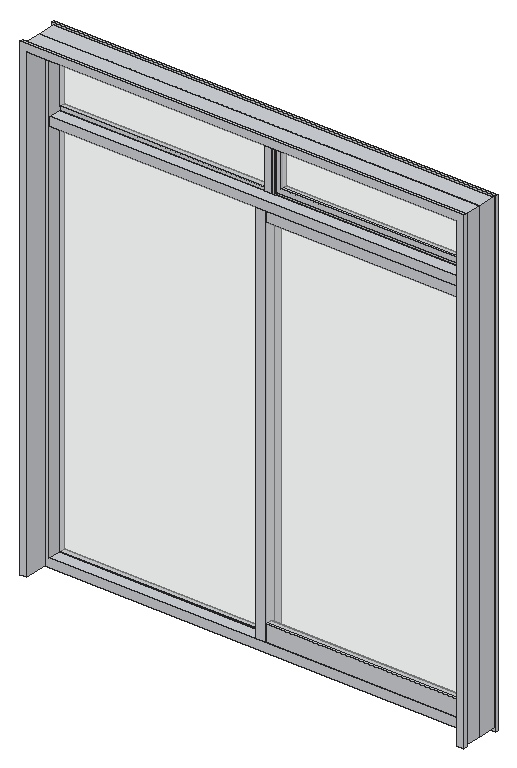
Revit family "APL Residential Thermal Heart Sliding Door SF with Overlight", category Doors, host Wall, Revit 2017 (continued)
Definition of nested family "APL Residential Thermal Heart Sliding Door SF Overlight Horizontal Section"
  Definition of nested family "Sash Mullion-Transom"
    Definition of nested family "65720_Sash"
      Lines and regions (mm)
        model lines, in view "Ref. Level"
          curve 95: line (19.422, -1.544, 0) -> (20.1, -1.5, 0)
          curve 96: line (20.294, -1.75, 0) -> (20.106, -2.475, 0)
          curve 97: line (20.106, -2.475, 0) -> (20.1, -5.753, 0)
          curve 98: line (19.846, -6.5, 0) -> (17.779, -5.957, 0)
          curve 99: line (17.779, -5.957, 0) -> (17.593, -5.648, 0)
          curve 100: line (17.259, -5.559, 0) -> (16.895, -5.922, 0)
          curve 101: line (16.808, -6.108, 0) -> (16.601, -8.474, 0)
          curve 102: line (17.003, -8.782, 0) -> (18.413, -8.268, 0)
          curve 103: line (19.183, -8, 0) -> (38.5, -8, 0)
          curve 104: line (39, -8.5, 0) -> (39, -13.6, 0)
          curve 105: line (39, -13.6, 0) -> (37.5, -13.6, 0)
          curve 106: line (36.5, -14.6, 0) -> (36.5, -15.098, 0)
          curve 107: line (37.5, -15.099, 0) -> (37.5, -14.6, 0)
          curve 108: line (37.5, -14.6, 0) -> (39.4, -14.6, 0)
          curve 109: line (39.4, -14.6, 0) -> (39.4, -19.8, 0)
          curve 110: line (39.4, -20.4, 0) -> (39.4, -25.6, 0)
          curve 111: line (39.4, -25.6, 0) -> (37.5, -25.6, 0)
          curve 112: line (37.5, -25.6, 0) -> (37.5, -24.002, 0)
          curve 113: line (37, -23.5, 0) -> (36.001, -23.5, 0)
          curve 114: line (35.429, -22.825, 0) -> (34.552, -22.589, 0)
          curve 115: line (34.3, -22.783, 0) -> (34.3, -23.589, 0)
          curve 116: line (34.3, -23.589, 0) -> (34.52, -24.835, 0)
          curve 117: line (34.717, -25, 0) -> (36, -25, 0)
          curve 118: line (36, -25, 0) -> (36, -26.8, 0)
          curve 119: line (36.2, -27, 0) -> (40.6, -27, 0)
          curve 120: line (40.8, -26.8, 0) -> (40.8, 9.2, 0)
          curve 121: line (39.6, 9.2, 0) -> (39.6, 4.17, 0)
          curve 122: line (39.6, 4.17, 0) -> (34.719, 4.17, 0)
          curve 123: line (32.801, 8, 0) -> (24.7, 8, 0)
          curve 124: line (24.7, 8, 0) -> (24.3, 7.6, 0)
          curve 125: line (24.3, 7.6, 0) -> (23.9, 8, 0)
          curve 126: line (23.9, 8, 0) -> (19.183, 8, 0)
          curve 127: line (18.413, 8.268, 0) -> (17.003, 8.782, 0)
          curve 128: line (16.601, 8.474, 0) -> (16.808, 6.108, 0)
          curve 129: line (16.895, 5.922, 0) -> (17.259, 5.559, 0)
          curve 130: line (17.593, 5.648, 0) -> (17.638, 5.816, 0)
          curve 131: line (17.638, 5.816, 0) -> (19.768, 6.49, 0)
          curve 132: line (19.768, 6.49, 0) -> (20, 6.5, 0)
          curve 133: line (20.1, 5.753, 0) -> (20.1, 2.525, 0)
          curve 134: line (20.1, 2.525, 0) -> (20.294, 1.75, 0)
          curve 135: line (20.1, 1.5, 0) -> (19.579, 1.5, 0)
          curve 136: line (19.579, 1.5, 0) -> (18.169, 2.309, 0)
          curve 137: line (17.6, 2.45, 0) -> (17.6, 0.874, 0)
          curve 138: line (22.5, 6.6, 0) -> (28.892, 6.6, 0)
          curve 139: line (34.135, 2.97, 0) -> (38.899, 2.97, 0)
          curve 140: line (39.4, 2.47, 0) -> (39.4, -6.3, 0)
          curve 141: line (38.9, -6.8, 0) -> (22.502, -6.8, 0)
          curve 142: line (22, -6.3, 0) -> (22, 6.1, 0)
          curve 143: arc (22, 6.1, 0) -> (22.146, 6.454, 0) -> (22.5, 6.6, 0) r 0.5
          curve 144: arc (12.714, 14.359, 0) -> (13.138, 14.183, 0) -> (13.314, 13.759, 0) r 0.6
          curve 145: arc (13.633, 5.978, 0) -> (13.937, 5.291, 0) -> (14.633, 5.009, 0) r 1
          curve 146: arc (17.054, 5.009, 0) -> (17.364, 5.05, 0) -> (17.654, 5.17, 0) r 1.2
          curve 147: arc (19.714, 6.209, 0) -> (19.996, 6.092, 0) -> (20.114, 5.809, 0) r 0.4
          curve 148: arc (20.014, 4.834, 0) -> (19.955, 4.693, 0) -> (19.814, 4.634, 0) r 0.2
          curve 149: arc (19.617, 4.653, 0) -> (19.041, 4.615, 0) -> (18.764, 4.109, 0) r 0.6
          curve 150: arc (18.764, 4.109, 0) -> (19.041, 3.603, 0) -> (19.617, 3.565, 0) r 0.6
          curve 151: arc (19.814, 3.584, 0) -> (19.955, 3.525, 0) -> (20.014, 3.384, 0) r 0.2
          curve 152: arc (20.114, 2.409, 0) -> (19.996, 2.126, 0) -> (19.714, 2.009, 0) r 0.4
          curve 153: arc (17.654, 3.048, 0) -> (17.364, 3.168, 0) -> (17.054, 3.209, 0) r 1.2
          curve 154: arc (8.374, 3.209, 0) -> (8.063, 3.168, 0) -> (7.774, 3.048, 0) r 1.2
          curve 155: arc (5.714, 2.009, 0) -> (5.431, 2.126, 0) -> (5.314, 2.409, 0) r 0.4
          curve 156: arc (5.414, 3.384, 0) -> (5.472, 3.525, 0) -> (5.614, 3.584, 0) r 0.2
          curve 157: arc (5.81, 3.565, 0) -> (6.386, 3.603, 0) -> (6.664, 4.109, 0) r 0.6
          curve 158: arc (6.664, 4.109, 0) -> (6.386, 4.615, 0) -> (5.81, 4.653, 0) r 0.6
          curve 159: arc (5.614, 4.634, 0) -> (5.472, 4.693, 0) -> (5.414, 4.834, 0) r 0.2
          curve 160: arc (5.314, 5.809, 0) -> (5.431, 6.092, 0) -> (5.714, 6.209, 0) r 0.4
          curve 161: arc (7.774, 5.17, 0) -> (8.063, 5.05, 0) -> (8.374, 5.009, 0) r 1.2
          curve 162: arc (10.794, 5.009, 0) -> (11.49, 5.291, 0) -> (11.794, 5.978, 0) r 1
          curve 163: line (13.314, 13.759, 0) -> (13.633, 5.978, 0)
          curve 164: line (14.633, 5.009, 0) -> (16.946, 5.009, 0)
          curve 165: line (17.654, 5.17, 0) -> (18.414, 5.609, 0)
          curve 166: line (18.414, 5.609, 0) -> (19.407, 6.182, 0)
          curve 167: line (19.407, 6.182, 0) -> (19.714, 6.209, 0)
          curve 168: line (20.114, 5.809, 0) -> (20.114, 5.309, 0)
          curve 169: line (20.114, 5.309, 0) -> (20.014, 4.834, 0)
          curve 170: line (20.014, 3.384, 0) -> (20.014, 3.009, 0)
          curve 171: line (20.014, 3.009, 0) -> (20.114, 2.409, 0)
          curve 172: line (19.714, 2.009, 0) -> (19.507, 2.009, 0)
          curve 173: line (19.507, 2.009, 0) -> (18.414, 2.609, 0)
          curve 174: line (18.414, 2.609, 0) -> (17.654, 3.048, 0)
          curve 175: line (16.946, 3.209, 0) -> (12.714, 3.209, 0)
          curve 176: line (12.714, 3.209, 0) -> (8.374, 3.209, 0)
          curve 177: line (7.774, 3.048, 0) -> (6.02, 2.036, 0)
          curve 178: line (6.02, 2.036, 0) -> (5.714, 2.009, 0)
          curve 179: line (5.314, 2.409, 0) -> (5.314, 2.909, 0)
          curve 180: line (5.314, 2.909, 0) -> (5.414, 3.384, 0)
          curve 181: line (5.414, 4.834, 0) -> (5.414, 5.209, 0)
          curve 182: line (5.414, 5.209, 0) -> (5.314, 5.809, 0)
          curve 183: line (5.714, 6.209, 0) -> (5.92, 6.209, 0)
          curve 184: line (5.92, 6.209, 0) -> (7.774, 5.17, 0)
          curve 185: line (8.374, 5.009, 0) -> (10.794, 5.009, 0)
          curve 186: line (11.794, 5.978, 0) -> (12.114, 13.768, 0)
          curve 187: arc (12.114, 13.768, 0) -> (12.293, 14.187, 0) -> (12.714, 14.359, 0) r 0.6
          curve 188: arc (5.3, -2.4, 0) -> (5.417, -2.117, 0) -> (5.7, -2, 0) r 0.4
          curve 189: arc (5.993, -2, 0) -> (6.096, -2.014, 0) -> (6.193, -2.054, 0) r 0.4
          curve 190: arc (7.721, -2.939, 0) -> (8.011, -3.059, 0) -> (8.322, -3.1, 0) r 1.2
          curve 191: arc (9.245, -3.1, 0) -> (9.818, -3.281, 0) -> (10.184, -3.758, 0) r 1
          curve 192: arc (10.977, -5.937, 0) -> (11.124, -6.128, 0) -> (11.353, -6.2, 0) r 0.4
          curve 193: arc (14.047, -6.2, 0) -> (14.276, -6.128, 0) -> (14.423, -5.937, 0) r 0.4
          curve 194: arc (15.216, -3.758, 0) -> (15.582, -3.281, 0) -> (16.155, -3.1, 0) r 1
          curve 195: arc (17.078, -3.1, 0) -> (17.389, -3.059, 0) -> (17.679, -2.939, 0) r 1.2
          curve 196: arc (19.207, -2.054, 0) -> (19.304, -2.014, 0) -> (19.407, -2, 0) r 0.4
          curve 197: arc (19.7, -2, 0) -> (19.983, -2.117, 0) -> (20.1, -2.4, 0) r 0.4
          curve 198: arc (20.1, -5.8, 0) -> (19.983, -6.083, 0) -> (19.7, -6.2, 0) r 0.4
          curve 199: arc (19.407, -6.2, 0) -> (19.304, -6.186, 0) -> (19.207, -6.146, 0) r 0.4
          curve 200: arc (17.679, -5.261, 0) -> (17.385, -5.14, 0) -> (17.07, -5.1, 0) r 1.2
          curve 201: arc (17.07, -5.1, 0) -> (16.895, -5.153, 0) -> (16.784, -5.297, 0) r 0.3
          curve 202: arc (15.896, -7.737, 0) -> (15.749, -7.928, 0) -> (15.52, -8, 0) r 0.4
          curve 203: arc (9.88, -8, 0) -> (9.651, -7.928, 0) -> (9.504, -7.737, 0) r 0.4
          curve 204: arc (8.616, -5.297, 0) -> (8.505, -5.153, 0) -> (8.33, -5.1, 0) r 0.3
          curve 205: arc (8.33, -5.1, 0) -> (8.015, -5.14, 0) -> (7.721, -5.261, 0) r 1.2
          curve 206: arc (6.193, -6.146, 0) -> (6.096, -6.186, 0) -> (5.993, -6.2, 0) r 0.4
          curve 207: arc (5.7, -6.2, 0) -> (5.417, -6.083, 0) -> (5.3, -5.8, 0) r 0.4
          curve 208: line (5.7, -2, 0) -> (5.993, -2, 0)
          curve 209: line (6.193, -2.054, 0) -> (7.721, -2.939, 0)
          curve 210: line (8.322, -3.1, 0) -> (9.245, -3.1, 0)
          curve 211: line (10.184, -3.758, 0) -> (10.977, -5.937, 0)
          curve 212: line (11.353, -6.2, 0) -> (14.047, -6.2, 0)
          curve 213: line (14.423, -5.937, 0) -> (15.216, -3.758, 0)
          curve 214: line (16.155, -3.1, 0) -> (17.078, -3.1, 0)
          curve 215: line (17.679, -2.939, 0) -> (19.207, -2.054, 0)
          curve 216: line (19.407, -2, 0) -> (19.7, -2, 0)
          curve 217: line (20.1, -2.4, 0) -> (20.1, -5.8, 0)
          curve 218: line (19.7, -6.2, 0) -> (19.407, -6.2, 0)
          curve 219: line (19.207, -6.146, 0) -> (17.679, -5.261, 0)
          curve 220: line (16.784, -5.297, 0) -> (15.896, -7.737, 0)
          curve 221: line (15.52, -8, 0) -> (9.88, -8, 0)
          curve 222: line (9.504, -7.737, 0) -> (8.616, -5.297, 0)
          curve 223: line (7.721, -5.261, 0) -> (6.193, -6.146, 0)
          curve 224: line (5.993, -6.2, 0) -> (5.7, -6.2, 0)
          curve 225: line (5.3, -5.8, 0) -> (5.3, -2.4, 0)
          curve 226: arc (7.8, -0.874, 0) -> (7.718, -0.477, 0) -> (7.485, -0.146, 0) r 1
          curve 227: arc (7.485, -0.146, 0) -> (7.422, 0, 0) -> (7.485, 0.146, 0) r 0.2
          curve 228: arc (7.485, 0.146, 0) -> (7.718, 0.477, 0) -> (7.8, 0.874, 0) r 1
          curve 229: arc (7.8, 2.449, 0) -> (7.673, 2.668, 0) -> (7.42, 2.663, 0) r 0.25
          curve 230: arc (7.334, 2.611, 0) -> (7.228, 2.479, 0) -> (7.231, 2.309, 0) r 0.25
          curve 231: arc (5.977, 1.544, 0) -> (5.902, 1.511, 0) -> (5.821, 1.5, 0) r 0.3
          curve 232: arc (5.3, 1.5, 0) -> (5.142, 1.578, 0) -> (5.106, 1.75, 0) r 0.2
          curve 233: arc (5.3, 5.753, 0) -> (5.274, 5.875, 0) -> (5.2, 5.976, 0) r 0.3
          curve 234: arc (5.2, 5.976, 0) -> (5.12, 6.307, 0) -> (5.4, 6.5, 0) r 0.3
          curve 235: arc (7.621, 5.957, 0) -> (7.71, 5.905, 0) -> (7.762, 5.816, 0) r 0.2
          curve 236: arc (7.807, 5.648, 0) -> (7.948, 5.507, 0) -> (8.141, 5.559, 0) r 0.2
          curve 237: arc (8.505, 5.922, 0) -> (8.565, 6.008, 0) -> (8.592, 6.108, 0) r 0.3
          curve 238: arc (8.799, 8.474, 0) -> (8.683, 8.738, 0) -> (8.397, 8.782, 0) r 0.3
          curve 239: arc (6.987, 8.268, 0) -> (6.861, 8.181, 0) -> (6.795, 8.043, 0) r 0.3
          curve 240: arc (6.795, 8.043, 0) -> (6.522, 7.801, 0) -> (6.217, 8, 0) r 0.3
          curve 241: arc (-3.3, 8, 0) -> (-4.007, 8.293, 0) -> (-4.3, 9, 0) r 1
          curve 242: arc (-4.3, 18.8, 0) -> (-4.241, 18.941, 0) -> (-4.1, 19, 0) r 0.2
          curve 243: arc (-3.2, 19, 0) -> (-2.493, 19.293, 0) -> (-2.2, 20, 0) r 1
          curve 244: arc (-2.2, 20.751, 0) -> (-2.7, 21.252, 0) -> (-3.2, 20.751, 0) r 0.5
          curve 245: arc (-3.2, 24.751, 0) -> (-2.7, 24.249, 0) -> (-2.2, 24.751, 0) r 0.5
          curve 246: arc (-2.2, 25.501, 0) -> (-2.493, 26.207, 0) -> (-3.199, 26.5, 0) r 0.999
          curve 247: arc (-4.7, 26.5, 0) -> (-5.407, 26.207, 0) -> (-5.7, 25.5, 0) r 1
          curve 248: arc (-5.7, -14.454, 0) -> (-5.548, -15.22, 0) -> (-5.114, -15.869, 0) r 2
          curve 249: arc (5.959, -26.941, 0) -> (6.177, -26.985, 0) -> (6.3, -26.8, 0) r 0.2
          curve 250: arc (6.3, -22.85, 0) -> (6.241, -22.709, 0) -> (6.1, -22.65, 0) r 0.2
          curve 251: arc (5.501, -22.65, 0) -> (5.359, -22.708, 0) -> (5.3, -22.85, 0) r 0.2
          curve 252: arc (5.3, -23.2, 0) -> (5.241, -23.341, 0) -> (5.1, -23.4, 0) r 0.201
          curve 253: arc (4.497, -23.4, 0) -> (4.357, -23.341, 0) -> (4.3, -23.2, 0) r 0.198
          curve 254: arc (4.3, -20.1, 0) -> (4.358, -19.96, 0) -> (4.497, -19.9, 0) r 0.2
          curve 255: arc (5.1, -19.9, 0) -> (5.241, -19.959, 0) -> (5.3, -20.1, 0) r 0.2
          curve 256: arc (5.3, -20.45, 0) -> (5.359, -20.591, 0) -> (5.5, -20.65, 0) r 0.2
          curve 257: arc (6.1, -20.65, 0) -> (6.241, -20.591, 0) -> (6.3, -20.45, 0) r 0.2
          curve 258: arc (6.3, -19.092, 0) -> (6.244, -18.951, 0) -> (6.1, -18.9, 0) r 0.184
          curve 259: arc (6.217, -8, 0) -> (6.522, -7.801, 0) -> (6.795, -8.043, 0) r 0.3
          curve 260: arc (6.795, -8.043, 0) -> (6.861, -8.181, 0) -> (6.987, -8.268, 0) r 0.3
          curve 261: arc (8.397, -8.782, 0) -> (8.683, -8.738, 0) -> (8.799, -8.474, 0) r 0.3
          curve 262: arc (8.592, -6.108, 0) -> (8.565, -6.008, 0) -> (8.505, -5.922, 0) r 0.3
          curve 263: arc (8.141, -5.559, 0) -> (7.948, -5.507, 0) -> (7.807, -5.648, 0) r 0.2
          curve 264: arc (7.762, -5.816, 0) -> (7.71, -5.905, 0) -> (7.621, -5.957, 0) r 0.2
          curve 265: arc (5.4, -6.5, 0) -> (5.12, -6.307, 0) -> (5.2, -5.976, 0) r 0.3
          curve 266: arc (5.2, -5.976, 0) -> (5.274, -5.875, 0) -> (5.3, -5.753, 0) r 0.3
          curve 267: arc (5.106, -1.75, 0) -> (5.142, -1.578, 0) -> (5.3, -1.5, 0) r 0.2
          curve 268: arc (5.82, -1.5, 0) -> (5.902, -1.511, 0) -> (5.977, -1.544, 0) r 0.3
          curve 269: arc (7.231, -2.309, 0) -> (7.228, -2.479, 0) -> (7.334, -2.611, 0) r 0.25
          curve 270: arc (7.42, -2.663, 0) -> (7.672, -2.668, 0) -> (7.8, -2.45, 0) r 0.25
          curve 271: arc (-0.454, 6.272, 0) -> (-0.427, 6.485, 0) -> (-0.608, 6.6, 0) r 0.2
          curve 272: arc (-3.4, 6.6, 0) -> (-4.107, 6.307, 0) -> (-4.4, 5.6, 0) r 1
          curve 273: arc (-4.4, -2.447, 0) -> (-4.254, -2.802, 0) -> (-3.9, -2.949, 0) r 0.5
          curve 274: arc (-2.4, -2.949, 0) -> (-1.693, -3.242, 0) -> (-1.4, -3.949, 0) r 1
          curve 275: arc (-1.4, -4.449, 0) -> (-1.9, -4.949, 0) -> (-2.4, -4.449, 0) r 0.5
          curve 276: arc (-4, -3.949, 0) -> (-4.283, -4.067, 0) -> (-4.4, -4.349, 0) r 0.4
          curve 277: arc (-4.4, -9.05, 0) -> (-4, -9.45, 0) -> (-4.4, -9.85, 0) r 0.4
          curve 278: arc (-4.4, -14.452, 0) -> (-4.347, -14.721, 0) -> (-4.195, -14.949, 0) r 0.7
          curve 279: arc (-2.4, -14.449, 0) -> (-1.9, -13.949, 0) -> (-1.4, -14.449, 0) r 0.5
          curve 280: arc (-1.4, -15.007, 0) -> (-1.602, -15.609, 0) -> (-2.125, -15.969, 0) r 1
          curve 281: arc (-2.125, -15.969, 0) -> (-2.472, -16.324, 0) -> (-2.341, -16.803, 0) r 0.5
          curve 282: arc (2.959, -22.103, 0) -> (3.177, -22.146, 0) -> (3.3, -21.962, 0) r 0.2
          curve 283: line (7.8, 0.874, 0) -> (7.8, 2.449, 0)
          curve 284: line (7.231, 2.309, 0) -> (5.977, 1.544, 0)
          curve 285: line (5.977, 1.544, 0) -> (5.3, 1.5, 0)
          curve 286: line (5.106, 1.75, 0) -> (5.294, 2.475, 0)
          curve 287: line (5.294, 2.475, 0) -> (5.3, 5.753, 0)
          curve 288: line (5.554, 6.5, 0) -> (7.621, 5.957, 0)
          curve 289: line (7.621, 5.957, 0) -> (7.807, 5.648, 0)
          curve 290: line (8.141, 5.559, 0) -> (8.505, 5.922, 0)
          curve 291: line (8.592, 6.108, 0) -> (8.799, 8.474, 0)
          curve 292: line (8.397, 8.782, 0) -> (6.987, 8.268, 0)
          curve 293: line (6.217, 8, 0) -> (-3.3, 8, 0)
          curve 294: line (-4.3, 9, 0) -> (-4.3, 18.8, 0)
          curve 295: line (-4.1, 19, 0) -> (-3.2, 19, 0)
          curve 296: line (-2.2, 20, 0) -> (-2.2, 20.751, 0)
          curve 297: line (-3.2, 20.751, 0) -> (-3.2, 20, 0)
          curve 298: line (-3.2, 20, 0) -> (-4.7, 20, 0)
          curve 299: line (-4.7, 20, 0) -> (-4.7, 25.5, 0)
          curve 300: line (-4.7, 25.5, 0) -> (-3.2, 25.5, 0)
          curve 301: line (-3.2, 25.5, 0) -> (-3.2, 24.751, 0)
          curve 302: line (-2.2, 24.751, 0) -> (-2.2, 25.501, 0)
          curve 303: line (-3.199, 26.5, 0) -> (-4.7, 26.5, 0)
          curve 304: line (-5.7, 25.5, 0) -> (-5.7, -14.454, 0)
          curve 305: line (-5.114, -15.869, 0) -> (5.959, -26.941, 0)
          curve 306: line (6.3, -26.8, 0) -> (6.3, -22.85, 0)
          curve 307: line (6.1, -22.65, 0) -> (5.501, -22.65, 0)
          curve 308: line (5.3, -22.85, 0) -> (5.3, -23.2, 0)
          curve 309: line (5.1, -23.4, 0) -> (4.497, -23.4, 0)
          curve 310: line (4.3, -23.2, 0) -> (4.3, -20.1, 0)
          curve 311: line (4.497, -19.9, 0) -> (5.1, -19.9, 0)
          curve 312: line (5.3, -20.1, 0) -> (5.3, -20.45, 0)
          curve 313: line (5.5, -20.65, 0) -> (6.1, -20.65, 0)
          curve 314: line (6.3, -20.45, 0) -> (6.3, -19.092, 0)
          curve 315: line (6.1, -18.9, 0) -> (4.6, -18.9, 0)
          curve 316: line (4.6, -18.9, 0) -> (4.6, -8, 0)
          curve 317: line (4.6, -8, 0) -> (6.217, -8, 0)
          curve 318: line (6.987, -8.268, 0) -> (8.397, -8.782, 0)
          curve 319: line (8.799, -8.474, 0) -> (8.592, -6.108, 0)
          curve 320: line (8.505, -5.922, 0) -> (8.141, -5.559, 0)
          curve 321: line (7.807, -5.648, 0) -> (7.762, -5.816, 0)
          curve 322: line (7.762, -5.816, 0) -> (5.632, -6.49, 0)
          curve 323: line (5.632, -6.49, 0) -> (5.4, -6.5, 0)
          curve 324: line (5.3, -5.753, 0) -> (5.3, -2.525, 0)
          curve 325: line (5.3, -2.525, 0) -> (5.106, -1.75, 0)
          curve 326: line (5.3, -1.5, 0) -> (5.82, -1.5, 0)
          curve 327: line (5.821, -1.5, 0) -> (7.231, -2.309, 0)
          curve 328: line (7.8, -2.45, 0) -> (7.8, -0.874, 0)
          curve 329: line (-0.608, 6.6, 0) -> (-3.4, 6.6, 0)
          curve 330: line (-4.4, 5.6, 0) -> (-4.4, -2.447, 0)
          curve 331: line (-3.9, -2.949, 0) -> (-2.4, -2.949, 0)
          curve 332: line (-1.4, -3.949, 0) -> (-1.4, -4.449, 0)
          curve 333: line (-2.4, -4.449, 0) -> (-2.4, -3.949, 0)
          curve 334: line (-2.4, -3.949, 0) -> (-4, -3.949, 0)
          curve 335: line (-4.4, -4.349, 0) -> (-4.4, -9.05, 0)
          curve 336: line (-4.4, -9.85, 0) -> (-4.4, -14.452, 0)
          curve 337: line (-4.195, -14.949, 0) -> (-2.4, -14.949, 0)
          curve 338: line (-2.4, -14.949, 0) -> (-2.4, -14.449, 0)
          curve 339: line (-1.4, -14.449, 0) -> (-1.4, -15.007, 0)
          curve 340: line (-2.341, -16.803, 0) -> (2.959, -22.103, 0)
          curve 341: line (3.3, -21.962, 0) -> (3.3, 2.193, 0)
          curve 342: arc (3.3, 2.193, 0) -> (3.272, 2.296, 0) -> (3.194, 2.37, 0) r 0.2
          curve 343: arc (3.194, 2.37, 0) -> (2.838, 2.85, 0) -> (2.984, 3.43, 0) r 0.7
          curve 344: arc (2.984, 3.43, 0) -> (3.33, 4.4, 0) -> (2.984, 5.37, 0) r 1.53
          curve 345: arc (2.984, 5.37, 0) -> (2.892, 5.514, 0) -> (2.838, 5.676, 0) r 0.7
          curve 346: arc (2.838, 5.676, 0) -> (2.741, 5.888, 0) -> (2.559, 6.032, 0) r 0.5
          curve 347: arc (2.559, 6.032, 0) -> (1.8, 6.2, 0) -> (1.041, 6.032, 0) r 1.8
          curve 348: arc (1.041, 6.032, 0) -> (0.859, 5.888, 0) -> (0.762, 5.676, 0) r 0.5
          curve 349: arc (0.762, 5.676, 0) -> (0.708, 5.514, 0) -> (0.616, 5.37, 0) r 0.7
          curve 350: arc (0.616, 5.37, 0) -> (0.27, 4.4, 0) -> (0.616, 3.43, 0) r 1.53
          curve 351: arc (0.616, 3.43, 0) -> (0.519, 2.445, 0) -> (-0.466, 2.543, 0) r 0.7
          curve 352: arc (-0.466, 2.543, 0) -> (-1.13, 4.41, 0) -> (-0.454, 6.272, 0) r 2.93
      Text (mm)
        text "65720" at (33.241, 33.025, 0), in view "Ref. Level"
    Definition of nested family "65100_Mullion&Transom"
      Reference planes
        plane 1 "Center (Front/Back)": y = 0
        plane 2: z = 0
        plane 3 "Center (Left/Right)": x = 0
      Lines and regions (mm)
        detail lines, in view "Ref. Level"
          curve 1: arc (0.482, -20.144, 0) -> (0.172, -20.004, 0) -> (0.009, -20.303, 0) r 0.25
          curve 2: arc (0.036, -30.191, 0) -> (0.198, -30.491, 0) -> (0.508, -30.351, 0) r 0.25
          curve 3: line (0.009, -20.303, 0) -> (1.003, -24.171, 0)
          curve 4: line (1.003, -24.171, 0) -> (0, -24.75, 0)
          curve 5: line (0, -24.75, 0) -> (0, -25.75, 0)
          curve 6: line (0, -25.75, 0) -> (1.025, -26.342, 0)
          curve 7: line (1.025, -26.342, 0) -> (0.036, -30.191, 0)
          curve 8: line (0.508, -30.351, 0) -> (2.232, -26.25, 0)
          curve 9: line (2.232, -26.25, 0) -> (3.5, -26.25, 0)
          curve 10: line (3.5, -26.25, 0) -> (3.5, -27.5, 0)
          curve 11: line (3.5, -27.5, 0) -> (4.5, -27.5, 0)
          curve 12: line (4.5, -27.5, 0) -> (4.5, -23, 0)
          curve 13: line (4.5, -23, 0) -> (3.5, -23, 0)
          curve 14: line (3.5, -23, 0) -> (3.5, -24.25, 0)
          curve 15: line (3.5, -24.25, 0) -> (2.208, -24.25, 0)
          curve 16: line (2.208, -24.25, 0) -> (0.482, -20.144, 0)
          curve 329: arc (0.482, 30.356, 0) -> (0.172, 30.496, 0) -> (0.009, 30.197, 0) r 0.25
          curve 330: arc (0.036, 20.309, 0) -> (0.198, 20.009, 0) -> (0.508, 20.149, 0) r 0.25
          curve 331: line (0.009, 30.197, 0) -> (1.003, 26.329, 0)
          curve 332: line (1.003, 26.329, 0) -> (0, 25.75, 0)
          curve 333: line (0, 25.75, 0) -> (0, 24.75, 0)
          curve 334: line (0, 24.75, 0) -> (1.025, 24.158, 0)
          curve 335: line (1.025, 24.158, 0) -> (0.036, 20.309, 0)
          curve 336: line (0.508, 20.149, 0) -> (2.232, 24.25, 0)
          curve 337: line (2.232, 24.25, 0) -> (3.5, 24.25, 0)
          curve 338: line (3.5, 24.25, 0) -> (3.5, 23, 0)
          curve 339: line (3.5, 23, 0) -> (4.5, 23, 0)
          curve 340: line (4.5, 23, 0) -> (4.5, 27.5, 0)
          curve 341: line (4.5, 27.5, 0) -> (3.5, 27.5, 0)
          curve 342: line (3.5, 27.5, 0) -> (3.5, 26.25, 0)
          curve 343: line (3.5, 26.25, 0) -> (2.208, 26.25, 0)
          curve 344: line (2.208, 26.25, 0) -> (0.482, 30.356, 0)
        detail lines, in view "Ref. Level", not visible
          curve 17: arc (33.161, -9.933, 0) -> (32.851, -9.793, 0) -> (32.689, -10.092, 0) r 0.25
          curve 18: arc (32.715, -19.98, 0) -> (32.877, -20.279, 0) -> (33.188, -20.139, 0) r 0.25
          curve 19: line (32.689, -10.092, 0) -> (33.683, -13.959, 0)
          curve 20: line (33.683, -13.959, 0) -> (32.679, -14.539, 0)
          curve 21: line (32.679, -14.539, 0) -> (32.679, -15.539, 0)
          curve 22: line (32.679, -15.539, 0) -> (33.705, -16.131, 0)
          curve 23: line (33.705, -16.131, 0) -> (32.715, -19.98, 0)
          curve 24: line (33.188, -20.139, 0) -> (34.912, -16.039, 0)
          curve 25: line (34.912, -16.039, 0) -> (36.179, -16.039, 0)
          curve 26: line (36.179, -16.039, 0) -> (36.179, -17.289, 0)
          curve 27: line (36.179, -17.289, 0) -> (37.179, -17.289, 0)
          curve 28: line (37.179, -17.289, 0) -> (37.179, -12.789, 0)
          curve 29: line (37.179, -12.789, 0) -> (36.179, -12.789, 0)
          curve 30: line (36.179, -12.789, 0) -> (36.179, -14.039, 0)
          curve 31: line (36.179, -14.039, 0) -> (34.887, -14.039, 0)
          curve 32: line (34.887, -14.039, 0) -> (33.161, -9.933, 0)
        model lines, in view "Ref. Level"
          curve 33: arc (-15.3, 2.874, 0) -> (-15.218, 2.477, 0) -> (-14.985, 2.146, 0) r 1
          curve 34: arc (-14.733, 1.893, 0) -> (-14.408, 1.676, 0) -> (-14.026, 1.6, 0) r 1
          curve 35: arc (-14.026, -1.6, 0) -> (-14.408, -1.676, 0) -> (-14.733, -1.893, 0) r 1
          curve 36: arc (-14.985, -2.146, 0) -> (-15.218, -2.477, 0) -> (-15.3, -2.874, 0) r 1
          curve 37: arc (-15.3, -4.45, 0) -> (-15.172, -4.668, 0) -> (-14.92, -4.663, 0) r 0.25
          curve 38: arc (-14.834, -4.611, 0) -> (-14.728, -4.479, 0) -> (-14.731, -4.309, 0) r 0.25
          curve 39: arc (-13.477, -3.544, 0) -> (-13.402, -3.511, 0) -> (-13.321, -3.5, 0) r 0.3
          curve 40: arc (-12.8, -3.5, 0) -> (-12.642, -3.578, 0) -> (-12.606, -3.75, 0) r 0.2
          curve 41: arc (-12.8, -7.753, 0) -> (-12.774, -7.875, 0) -> (-12.7, -7.976, 0) r 0.3
          curve 42: arc (-12.7, -7.976, 0) -> (-12.62, -8.307, 0) -> (-12.9, -8.5, 0) r 0.3
          curve 43: arc (-15.121, -7.957, 0) -> (-15.21, -7.905, 0) -> (-15.262, -7.816, 0) r 0.2
          curve 44: arc (-15.307, -7.648, 0) -> (-15.448, -7.507, 0) -> (-15.641, -7.559, 0) r 0.2
          curve 45: arc (-16.005, -7.922, 0) -> (-16.065, -8.008, 0) -> (-16.092, -8.108, 0) r 0.3
          curve 46: arc (-16.299, -10.474, 0) -> (-16.183, -10.738, 0) -> (-15.897, -10.782, 0) r 0.3
          curve 47: arc (-14.487, -10.268, 0) -> (-14.361, -10.181, 0) -> (-14.295, -10.043, 0) r 0.3
          curve 48: arc (-14.295, -10.043, 0) -> (-14.022, -9.801, 0) -> (-13.717, -10, 0) r 0.3
          curve 49: arc (4.1, -10, 0) -> (4.241, -10.059, 0) -> (4.3, -10.2, 0) r 0.2
          curve 50: arc (3.201, -21.5, 0) -> (2.493, -21.793, 0) -> (2.2, -22.5, 0) r 1
          curve 51: arc (2.2, -23.25, 0) -> (2.7, -23.751, 0) -> (3.2, -23.25, 0) r 0.5
          curve 52: arc (3.2, -27.251, 0) -> (2.7, -26.751, 0) -> (2.2, -27.251, 0) r 0.5
          curve 53: arc (2.2, -28.801, 0) -> (2.259, -28.942, 0) -> (2.4, -29, 0) r 0.2
          curve 54: arc (5.5, -29, 0) -> (5.641, -28.941, 0) -> (5.7, -28.8, 0) r 0.2
          curve 55: arc (5.7, 28.8, 0) -> (5.641, 28.942, 0) -> (5.5, 29, 0) r 0.2
          curve 56: arc (2.4, 29, 0) -> (2.259, 28.941, 0) -> (2.2, 28.8, 0) r 0.2
          curve 57: arc (2.2, 27.25, 0) -> (2.7, 26.749, 0) -> (3.2, 27.25, 0) r 0.5
          curve 58: arc (3.2, 23.25, 0) -> (2.7, 23.749, 0) -> (2.2, 23.25, 0) r 0.5
          curve 59: arc (2.2, 22.501, 0) -> (2.492, 21.793, 0) -> (3.2, 21.5, 0) r 1
          curve 60: arc (4.3, 10.2, 0) -> (4.241, 10.059, 0) -> (4.1, 10, 0) r 0.2
          curve 61: arc (-13.717, 10, 0) -> (-14.022, 9.801, 0) -> (-14.295, 10.043, 0) r 0.3
          curve 62: arc (-14.295, 10.043, 0) -> (-14.361, 10.181, 0) -> (-14.487, 10.268, 0) r 0.3
          curve 63: arc (-15.897, 10.782, 0) -> (-16.183, 10.738, 0) -> (-16.299, 10.474, 0) r 0.3
          curve 64: arc (-16.092, 8.108, 0) -> (-16.065, 8.008, 0) -> (-16.005, 7.922, 0) r 0.3
          curve 65: arc (-15.641, 7.559, 0) -> (-15.448, 7.507, 0) -> (-15.307, 7.648, 0) r 0.2
          curve 66: arc (-15.262, 7.816, 0) -> (-15.21, 7.905, 0) -> (-15.121, 7.957, 0) r 0.2
          curve 67: arc (-12.9, 8.5, 0) -> (-12.62, 8.307, 0) -> (-12.7, 7.976, 0) r 0.3
          curve 68: arc (-12.7, 7.976, 0) -> (-12.774, 7.875, 0) -> (-12.8, 7.753, 0) r 0.3
          curve 69: arc (-12.606, 3.75, 0) -> (-12.642, 3.578, 0) -> (-12.8, 3.5, 0) r 0.2
          curve 70: arc (-13.321, 3.5, 0) -> (-13.402, 3.511, 0) -> (-13.477, 3.544, 0) r 0.3
          curve 71: arc (-14.731, 4.309, 0) -> (-14.728, 4.479, 0) -> (-14.834, 4.611, 0) r 0.25
          curve 72: arc (-14.92, 4.663, 0) -> (-15.172, 4.668, 0) -> (-15.3, 4.45, 0) r 0.25
          curve 73: arc (-4.016, 4.146, 0) -> (-5.077, 4.139, 0) -> (-5.084, 5.2, 0) r 0.75
          curve 74: arc (-5.084, 5.2, 0) -> (-4.55, 6.5, 0) -> (-5.084, 7.8, 0) r 1.85
          curve 75: arc (-5.084, 7.8, 0) -> (-5.194, 7.942, 0) -> (-5.267, 8.107, 0) r 0.75
          curve 76: arc (-5.267, 8.107, 0) -> (-5.37, 8.291, 0) -> (-5.54, 8.416, 0) r 0.5
          curve 77: arc (-5.54, 8.416, 0) -> (-6.4, 8.6, 0) -> (-7.26, 8.416, 0) r 2.1
          curve 78: arc (-7.26, 8.416, 0) -> (-7.43, 8.291, 0) -> (-7.533, 8.107, 0) r 0.5
          curve 79: arc (-7.533, 8.107, 0) -> (-7.606, 7.942, 0) -> (-7.716, 7.8, 0) r 0.75
          curve 80: arc (-7.716, 7.8, 0) -> (-8.25, 6.5, 0) -> (-7.716, 5.2, 0) r 1.85
          curve 81: arc (-7.716, 5.2, 0) -> (-7.723, 4.139, 0) -> (-8.784, 4.146, 0) r 0.75
          curve 82: arc (-8.784, 4.146, 0) -> (-9.231, 4.709, 0) -> (-9.548, 5.354, 0) r 3.35
          curve 83: arc (-10.124, 6.937, 0) -> (-10.569, 7.194, 0) -> (-10.9, 6.8, 0) r 0.4
          curve 84: arc (-10.9, -6.8, 0) -> (-10.569, -7.194, 0) -> (-10.124, -6.937, 0) r 0.4
          curve 85: arc (-9.548, -5.354, 0) -> (-9.231, -4.709, 0) -> (-8.784, -4.146, 0) r 3.35
          curve 86: arc (-8.784, -4.146, 0) -> (-7.723, -4.139, 0) -> (-7.716, -5.2, 0) r 0.75
          curve 87: arc (-7.716, -5.2, 0) -> (-8.25, -6.5, 0) -> (-7.716, -7.8, 0) r 1.85
          curve 88: arc (-7.716, -7.8, 0) -> (-7.606, -7.942, 0) -> (-7.533, -8.107, 0) r 0.75
          curve 89: arc (-7.533, -8.107, 0) -> (-7.43, -8.291, 0) -> (-7.26, -8.416, 0) r 0.5
          curve 90: arc (-7.26, -8.416, 0) -> (-6.4, -8.6, 0) -> (-5.54, -8.416, 0) r 2.1
          curve 91: arc (-5.54, -8.416, 0) -> (-5.37, -8.291, 0) -> (-5.267, -8.107, 0) r 0.5
          curve 92: arc (-5.267, -8.107, 0) -> (-5.194, -7.942, 0) -> (-5.084, -7.8, 0) r 0.75
          curve 93: arc (-5.084, -7.8, 0) -> (-4.55, -6.5, 0) -> (-5.084, -5.2, 0) r 1.85
          curve 94: arc (-5.084, -5.2, 0) -> (-5.077, -4.139, 0) -> (-4.016, -4.146, 0) r 0.75
          curve 95: arc (-4.016, -4.146, 0) -> (-3.101, -5.916, 0) -> (-3.353, -7.892, 0) r 3.35
          curve 96: arc (-3.353, -7.892, 0) -> (-3.319, -8.37, 0) -> (-2.898, -8.6, 0) r 0.5
          curve 97: arc (3.8, -8.6, 0) -> (4.154, -8.454, 0) -> (4.3, -8.1, 0) r 0.5
          curve 98: arc (4.3, 8.1, 0) -> (4.154, 8.454, 0) -> (3.8, 8.6, 0) r 0.5
          curve 99: line (-15.3, 4.45, 0) -> (-15.3, 2.874, 0)
          curve 100: line (-14.97, 2.13, 0) -> (-14.733, 1.893, 0)
          curve 101: line (-14.026, 1.6, 0) -> (-12.8, 1.6, 0)
          curve 102: line (-12.8, 1.6, 0) -> (-12.8, -1.6, 0)
          curve 103: line (-12.8, -1.6, 0) -> (-14.026, -1.6, 0)
          curve 104: line (-14.733, -1.893, 0) -> (-14.97, -2.13, 0)
          curve 105: line (-15.3, -2.874, 0) -> (-15.3, -4.45, 0)
          curve 106: line (-14.731, -4.309, 0) -> (-13.477, -3.544, 0)
          curve 107: line (-13.477, -3.544, 0) -> (-12.8, -3.5, 0)
          curve 108: line (-12.606, -3.75, 0) -> (-12.794, -4.475, 0)
          curve 109: line (-12.794, -4.475, 0) -> (-12.8, -7.753, 0)
          curve 110: line (-13.054, -8.5, 0) -> (-15.121, -7.957, 0)
          curve 111: line (-15.121, -7.957, 0) -> (-15.307, -7.648, 0)
          curve 112: line (-15.641, -7.559, 0) -> (-16.005, -7.922, 0)
          curve 113: line (-16.092, -8.108, 0) -> (-16.299, -10.474, 0)
          curve 114: line (-15.897, -10.782, 0) -> (-14.487, -10.268, 0)
          curve 115: line (-13.717, -10, 0) -> (-6.8, -10, 0)
          curve 116: line (-6.8, -10, 0) -> (-6.4, -9.6, 0)
          curve 117: line (-6.4, -9.6, 0) -> (-6, -10, 0)
          curve 118: line (-6, -10, 0) -> (4.1, -10, 0)
          curve 119: line (4.3, -10.2, 0) -> (4.3, -21.5, 0)
          curve 120: line (4.3, -21.5, 0) -> (3.201, -21.5, 0)
          curve 121: line (2.2, -22.5, 0) -> (2.2, -23.25, 0)
          curve 122: line (3.2, -23.25, 0) -> (3.2, -22.5, 0)
          curve 123: line (3.2, -22.5, 0) -> (4.7, -22.5, 0)
          curve 124: line (4.7, -22.5, 0) -> (4.7, -28, 0)
          curve 125: line (4.7, -28, 0) -> (3.2, -28, 0)
          curve 126: line (3.2, -28, 0) -> (3.2, -27.251, 0)
          curve 127: line (2.2, -27.251, 0) -> (2.2, -28.801, 0)
          curve 128: line (2.4, -29, 0) -> (5.5, -29, 0)
          curve 129: line (5.7, -28.8, 0) -> (5.7, 28.8, 0)
          curve 130: line (5.5, 29, 0) -> (2.4, 29, 0)
          curve 131: line (2.2, 28.8, 0) -> (2.2, 27.25, 0)
          curve 132: line (3.2, 27.25, 0) -> (3.2, 28, 0)
          curve 133: line (3.2, 28, 0) -> (4.7, 28, 0)
          curve 134: line (4.7, 28, 0) -> (4.7, 22.5, 0)
          curve 135: line (4.7, 22.5, 0) -> (3.2, 22.5, 0)
          curve 136: line (3.2, 22.5, 0) -> (3.2, 23.25, 0)
          curve 137: line (2.2, 23.25, 0) -> (2.2, 22.501, 0)
          curve 138: line (3.2, 21.5, 0) -> (4.3, 21.5, 0)
          curve 139: line (4.3, 21.5, 0) -> (4.3, 10.2, 0)
          curve 140: line (4.1, 10, 0) -> (-6, 10, 0)
          curve 141: line (-6, 10, 0) -> (-6.4, 9.6, 0)
          curve 142: line (-6.4, 9.6, 0) -> (-6.8, 10, 0)
          curve 143: line (-6.8, 10, 0) -> (-13.717, 10, 0)
          curve 144: line (-14.487, 10.268, 0) -> (-15.897, 10.782, 0)
          curve 145: line (-16.299, 10.474, 0) -> (-16.092, 8.108, 0)
          curve 146: line (-16.005, 7.922, 0) -> (-15.641, 7.559, 0)
          curve 147: line (-15.307, 7.648, 0) -> (-15.262, 7.816, 0)
          curve 148: line (-15.262, 7.816, 0) -> (-13.132, 8.49, 0)
          curve 149: line (-13.132, 8.49, 0) -> (-12.9, 8.5, 0)
          curve 150: line (-12.8, 7.753, 0) -> (-12.8, 4.525, 0)
          curve 151: line (-12.8, 4.525, 0) -> (-12.606, 3.75, 0)
          curve 152: line (-12.8, 3.5, 0) -> (-13.321, 3.5, 0)
          curve 153: line (-13.321, 3.5, 0) -> (-14.731, 4.309, 0)
          curve 154: line (-9.548, 5.354, 0) -> (-10.124, 6.937, 0)
          curve 155: line (-10.9, 6.8, 0) -> (-10.9, -6.8, 0)
          curve 156: line (-10.124, -6.937, 0) -> (-9.548, -5.354, 0)
          curve 157: line (-2.898, -8.6, 0) -> (3.8, -8.6, 0)
          curve 158: line (4.3, -8.1, 0) -> (4.3, 8.1, 0)
          curve 159: line (3.8, 8.6, 0) -> (-2.898, 8.6, 0)
          curve 160: arc (-2.898, 8.6, 0) -> (-3.319, 8.37, 0) -> (-3.353, 7.892, 0) r 0.5
          curve 161: arc (-3.353, 7.892, 0) -> (-3.101, 5.916, 0) -> (-4.016, 4.146, 0) r 3.35
          curve 162: arc (-40.3, -9.8, 0) -> (-40.241, -9.941, 0) -> (-40.1, -10, 0) r 0.2
          curve 163: arc (-38.635, -9.621, 0) -> (-38.571, -9.522, 0) -> (-38.575, -9.403, 0) r 0.2
          curve 164: arc (-38.575, -9.403, 0) -> (-38.679, -9.234, 0) -> (-38.847, -9.127, 0) r 0.45
          curve 165: arc (-38.847, -9.127, 0) -> (-38.943, -9.052, 0) -> (-38.978, -8.935, 0) r 0.2
          curve 166: arc (-38.837, -1.98, 0) -> (-38.537, -1.286, 0) -> (-37.837, -1, 0) r 1
          curve 167: arc (-30.5, -1, 0) -> (-29.793, -1.293, 0) -> (-29.5, -2, 0) r 1
          curve 168: arc (-29.5, -8.173, 0) -> (-29.527, -8.272, 0) -> (-29.6, -8.345, 0) r 0.2
          curve 169: arc (-30.7, -8.98, 0) -> (-30.92, -9.2, 0) -> (-31, -9.5, 0) r 0.6
          curve 170: arc (-31, -9.8, 0) -> (-30.941, -9.942, 0) -> (-30.8, -10, 0) r 0.2
          curve 171: arc (-26.683, -10, 0) -> (-26.378, -9.801, 0) -> (-26.105, -10.043, 0) r 0.3
          curve 172: arc (-26.105, -10.043, 0) -> (-26.039, -10.181, 0) -> (-25.913, -10.268, 0) r 0.3
          curve 173: arc (-24.503, -10.782, 0) -> (-24.217, -10.738, 0) -> (-24.101, -10.474, 0) r 0.3
          curve 174: arc (-24.308, -8.108, 0) -> (-24.335, -8.008, 0) -> (-24.395, -7.922, 0) r 0.3
          curve 175: arc (-24.759, -7.559, 0) -> (-24.952, -7.507, 0) -> (-25.093, -7.648, 0) r 0.2
          curve 176: arc (-25.138, -7.816, 0) -> (-25.19, -7.905, 0) -> (-25.279, -7.957, 0) r 0.2
          curve 177: arc (-27.5, -8.5, 0) -> (-27.78, -8.307, 0) -> (-27.7, -7.976, 0) r 0.3
          curve 178: arc (-27.7, -7.976, 0) -> (-27.626, -7.875, 0) -> (-27.6, -7.753, 0) r 0.3
          curve 179: arc (-27.794, -3.75, 0) -> (-27.758, -3.578, 0) -> (-27.6, -3.5, 0) r 0.2
          curve 180: arc (-27.079, -3.5, 0) -> (-26.998, -3.511, 0) -> (-26.923, -3.544, 0) r 0.3
          curve 181: arc (-25.669, -4.309, 0) -> (-25.672, -4.479, 0) -> (-25.566, -4.611, 0) r 0.25
          curve 182: arc (-25.48, -4.663, 0) -> (-25.228, -4.668, 0) -> (-25.1, -4.45, 0) r 0.25
          curve 183: arc (-25.1, -2.874, 0) -> (-25.182, -2.477, 0) -> (-25.415, -2.146, 0) r 1
          curve 184: arc (-25.667, -1.893, 0) -> (-25.992, -1.676, 0) -> (-26.374, -1.6, 0) r 1
          curve 185: arc (-26.377, 1.6, 0) -> (-25.993, 1.676, 0) -> (-25.667, 1.893, 0) r 1
          curve 186: arc (-25.415, 2.146, 0) -> (-25.182, 2.477, 0) -> (-25.1, 2.874, 0) r 1
          curve 187: arc (-25.1, 4.45, 0) -> (-25.227, 4.668, 0) -> (-25.48, 4.663, 0) r 0.25
          curve 188: arc (-25.566, 4.611, 0) -> (-25.672, 4.479, 0) -> (-25.669, 4.309, 0) r 0.25
          curve 189: arc (-26.923, 3.544, 0) -> (-26.998, 3.511, 0) -> (-27.079, 3.5, 0) r 0.3
          curve 190: arc (-27.6, 3.5, 0) -> (-27.758, 3.578, 0) -> (-27.794, 3.75, 0) r 0.2
          curve 191: arc (-27.6, 7.753, 0) -> (-27.626, 7.875, 0) -> (-27.7, 7.976, 0) r 0.3
          curve 192: arc (-27.7, 7.976, 0) -> (-27.78, 8.307, 0) -> (-27.5, 8.5, 0) r 0.3
          curve 193: arc (-25.279, 7.957, 0) -> (-25.19, 7.905, 0) -> (-25.138, 7.816, 0) r 0.2
          curve 194: arc (-25.093, 7.648, 0) -> (-24.952, 7.507, 0) -> (-24.759, 7.559, 0) r 0.2
          curve 195: arc (-24.395, 7.922, 0) -> (-24.335, 8.008, 0) -> (-24.308, 8.108, 0) r 0.3
          curve 196: arc (-24.101, 10.474, 0) -> (-24.217, 10.738, 0) -> (-24.503, 10.782, 0) r 0.3
          curve 197: arc (-25.913, 10.268, 0) -> (-26.039, 10.181, 0) -> (-26.105, 10.043, 0) r 0.3
          curve 198: arc (-26.105, 10.043, 0) -> (-26.378, 9.801, 0) -> (-26.683, 10, 0) r 0.3
          curve 199: arc (-30.8, 10, 0) -> (-30.941, 9.942, 0) -> (-31, 9.8, 0) r 0.2
          curve 200: arc (-31, 9.5, 0) -> (-30.92, 9.2, 0) -> (-30.7, 8.98, 0) r 0.6
          curve 201: arc (-29.6, 8.345, 0) -> (-29.527, 8.272, 0) -> (-29.5, 8.172, 0) r 0.2
          curve 202: arc (-29.5, 2, 0) -> (-29.793, 1.293, 0) -> (-30.5, 1, 0) r 1
          curve 203: arc (-37.837, 1, 0) -> (-38.537, 1.286, 0) -> (-38.837, 1.98, 0) r 1
          curve 204: arc (-38.978, 8.935, 0) -> (-38.943, 9.052, 0) -> (-38.847, 9.127, 0) r 0.2
          curve 205: arc (-38.847, 9.127, 0) -> (-38.679, 9.234, 0) -> (-38.575, 9.403, 0) r 0.45
          curve 206: arc (-38.575, 9.403, 0) -> (-38.571, 9.522, 0) -> (-38.635, 9.621, 0) r 0.2
          curve 207: arc (-40.1, 10, 0) -> (-40.241, 9.941, 0) -> (-40.3, 9.8, 0) r 0.2
          curve 208: line (-40.3, 9.8, 0) -> (-40.3, 0, 0)
          curve 209: line (-40.3, 0, 0) -> (-40.3, -9.8, 0)
          curve 210: line (-40.1, -10, 0) -> (-39.159, -10, 0)
          curve 211: line (-39.159, -10, 0) -> (-38.635, -9.621, 0)
          curve 212: line (-38.978, -8.935, 0) -> (-38.837, -1.98, 0)
          curve 213: line (-37.837, -1, 0) -> (-30.5, -1, 0)
          curve 214: line (-29.5, -2, 0) -> (-29.5, -8.173, 0)
          curve 215: line (-29.6, -8.345, 0) -> (-30.7, -8.98, 0)
          curve 216: line (-31, -9.5, 0) -> (-31, -9.8, 0)
          curve 217: line (-30.8, -10, 0) -> (-26.683, -10, 0)
          curve 218: line (-25.913, -10.268, 0) -> (-24.503, -10.782, 0)
          curve 219: line (-24.101, -10.474, 0) -> (-24.308, -8.108, 0)
          curve 220: line (-24.395, -7.922, 0) -> (-24.759, -7.559, 0)
          curve 221: line (-25.093, -7.648, 0) -> (-25.138, -7.816, 0)
          curve 222: line (-25.138, -7.816, 0) -> (-27.268, -8.49, 0)
          curve 223: line (-27.268, -8.49, 0) -> (-27.5, -8.5, 0)
          curve 224: line (-27.6, -7.753, 0) -> (-27.6, -4.525, 0)
          curve 225: line (-27.6, -4.525, 0) -> (-27.794, -3.75, 0)
          curve 226: line (-27.6, -3.5, 0) -> (-27.079, -3.5, 0)
          curve 227: line (-27.079, -3.5, 0) -> (-25.669, -4.309, 0)
          curve 228: line (-25.1, -4.45, 0) -> (-25.1, -2.874, 0)
          curve 229: line (-25.43, -2.13, 0) -> (-25.667, -1.893, 0)
          curve 230: line (-26.374, -1.6, 0) -> (-27.6, -1.6, 0)
          curve 231: line (-27.6, -1.6, 0) -> (-27.6, 0, 0)
          curve 232: line (-27.6, 0, 0) -> (-27.6, 1.6, 0)
          curve 233: line (-27.6, 1.6, 0) -> (-26.377, 1.6, 0)
          curve 234: line (-25.667, 1.893, 0) -> (-25.43, 2.13, 0)
          curve 235: line (-25.1, 2.874, 0) -> (-25.1, 4.45, 0)
          curve 236: line (-25.669, 4.309, 0) -> (-26.923, 3.544, 0)
          curve 237: line (-26.923, 3.544, 0) -> (-27.6, 3.5, 0)
          curve 238: line (-27.794, 3.75, 0) -> (-27.606, 4.475, 0)
          curve 239: line (-27.606, 4.475, 0) -> (-27.6, 7.753, 0)
          curve 240: line (-27.346, 8.5, 0) -> (-25.279, 7.957, 0)
          curve 241: line (-25.279, 7.957, 0) -> (-25.093, 7.648, 0)
          curve 242: line (-24.759, 7.559, 0) -> (-24.395, 7.922, 0)
          curve 243: line (-24.308, 8.108, 0) -> (-24.101, 10.474, 0)
          curve 244: line (-24.503, 10.782, 0) -> (-25.913, 10.268, 0)
          curve 245: line (-26.683, 10, 0) -> (-30.8, 10, 0)
          curve 246: line (-31, 9.8, 0) -> (-31, 9.5, 0)
          curve 247: line (-30.7, 8.98, 0) -> (-29.6, 8.345, 0)
          curve 248: line (-29.5, 8.172, 0) -> (-29.5, 2, 0)
          curve 249: line (-30.5, 1, 0) -> (-37.837, 1, 0)
          curve 250: line (-38.837, 1.98, 0) -> (-38.978, 8.935, 0)
          curve 251: line (-38.635, 9.621, 0) -> (-39.031, 9.953, 0)
          curve 252: line (-39.031, 9.953, 0) -> (-40.1, 10, 0)
          curve 253: arc (-27.6, 4.4, 0) -> (-27.483, 4.117, 0) -> (-27.2, 4, 0) r 0.4
          curve 254: arc (-26.907, 4, 0) -> (-26.804, 4.014, 0) -> (-26.707, 4.054, 0) r 0.4
          curve 255: arc (-25.179, 4.939, 0) -> (-24.889, 5.059, 0) -> (-24.578, 5.1, 0) r 1.2
          curve 256: arc (-23.655, 5.1, 0) -> (-23.082, 5.281, 0) -> (-22.716, 5.758, 0) r 1
          curve 257: arc (-21.923, 7.937, 0) -> (-21.776, 8.128, 0) -> (-21.547, 8.2, 0) r 0.4
          curve 258: arc (-18.853, 8.2, 0) -> (-18.624, 8.128, 0) -> (-18.477, 7.937, 0) r 0.4
          curve 259: arc (-17.684, 5.758, 0) -> (-17.318, 5.281, 0) -> (-16.745, 5.1, 0) r 1
          curve 260: arc (-15.822, 5.1, 0) -> (-15.511, 5.059, 0) -> (-15.221, 4.939, 0) r 1.2
          curve 261: arc (-13.693, 4.054, 0) -> (-13.596, 4.014, 0) -> (-13.493, 4, 0) r 0.4
          curve 262: arc (-13.2, 4, 0) -> (-12.917, 4.117, 0) -> (-12.8, 4.4, 0) r 0.4
          curve 263: arc (-12.8, 7.8, 0) -> (-12.917, 8.083, 0) -> (-13.2, 8.2, 0) r 0.4
          curve 264: arc (-13.493, 8.2, 0) -> (-13.596, 8.186, 0) -> (-13.693, 8.146, 0) r 0.4
          curve 265: arc (-15.221, 7.261, 0) -> (-15.515, 7.14, 0) -> (-15.83, 7.1, 0) r 1.2
          curve 266: arc (-15.83, 7.1, 0) -> (-16.005, 7.153, 0) -> (-16.116, 7.297, 0) r 0.3
          curve 267: arc (-17.004, 9.737, 0) -> (-17.151, 9.928, 0) -> (-17.38, 10, 0) r 0.4
          curve 268: arc (-23.02, 10, 0) -> (-23.249, 9.928, 0) -> (-23.396, 9.737, 0) r 0.4
          curve 269: arc (-24.284, 7.297, 0) -> (-24.395, 7.153, 0) -> (-24.57, 7.1, 0) r 0.3
          curve 270: arc (-24.57, 7.1, 0) -> (-24.885, 7.14, 0) -> (-25.179, 7.261, 0) r 1.2
          curve 271: arc (-26.707, 8.146, 0) -> (-26.804, 8.186, 0) -> (-26.907, 8.2, 0) r 0.4
          curve 272: arc (-27.2, 8.2, 0) -> (-27.483, 8.083, 0) -> (-27.6, 7.8, 0) r 0.4
          curve 273: line (-27.2, 4, 0) -> (-26.907, 4, 0)
          curve 274: line (-26.707, 4.054, 0) -> (-25.179, 4.939, 0)
          curve 275: line (-24.578, 5.1, 0) -> (-23.655, 5.1, 0)
          curve 276: line (-22.716, 5.758, 0) -> (-21.923, 7.937, 0)
          curve 277: line (-21.547, 8.2, 0) -> (-18.853, 8.2, 0)
          curve 278: line (-18.477, 7.937, 0) -> (-17.684, 5.758, 0)
          curve 279: line (-16.745, 5.1, 0) -> (-15.822, 5.1, 0)
          curve 280: line (-15.221, 4.939, 0) -> (-13.693, 4.054, 0)
          curve 281: line (-13.493, 4, 0) -> (-13.2, 4, 0)
          curve 282: line (-12.8, 4.4, 0) -> (-12.8, 7.8, 0)
          curve 283: line (-13.2, 8.2, 0) -> (-13.493, 8.2, 0)
          curve 284: line (-13.693, 8.146, 0) -> (-15.221, 7.261, 0)
          curve 285: line (-16.116, 7.297, 0) -> (-17.004, 9.737, 0)
          curve 286: line (-17.38, 10, 0) -> (-23.02, 10, 0)
          curve 287: line (-23.396, 9.737, 0) -> (-24.284, 7.297, 0)
          curve 288: line (-25.179, 7.261, 0) -> (-26.707, 8.146, 0)
          curve 289: line (-26.907, 8.2, 0) -> (-27.2, 8.2, 0)
          curve 290: line (-27.6, 7.8, 0) -> (-27.6, 4.4, 0)
          curve 291: arc (-27.6, -4.4, 0) -> (-27.483, -4.117, 0) -> (-27.2, -4, 0) r 0.4
          curve 292: arc (-26.907, -4, 0) -> (-26.804, -4.014, 0) -> (-26.707, -4.054, 0) r 0.4
          curve 293: arc (-25.179, -4.939, 0) -> (-24.889, -5.059, 0) -> (-24.578, -5.1, 0) r 1.2
          curve 294: arc (-23.655, -5.1, 0) -> (-23.082, -5.281, 0) -> (-22.716, -5.758, 0) r 1
          curve 295: arc (-21.923, -7.937, 0) -> (-21.776, -8.128, 0) -> (-21.547, -8.2, 0) r 0.4
          curve 296: arc (-18.853, -8.2, 0) -> (-18.624, -8.128, 0) -> (-18.477, -7.937, 0) r 0.4
          curve 297: arc (-17.684, -5.758, 0) -> (-17.318, -5.281, 0) -> (-16.745, -5.1, 0) r 1
          curve 298: arc (-15.822, -5.1, 0) -> (-15.511, -5.059, 0) -> (-15.221, -4.939, 0) r 1.2
          curve 299: arc (-13.693, -4.054, 0) -> (-13.596, -4.014, 0) -> (-13.493, -4, 0) r 0.4
          curve 300: arc (-13.2, -4, 0) -> (-12.917, -4.117, 0) -> (-12.8, -4.4, 0) r 0.4
          curve 301: arc (-12.8, -7.8, 0) -> (-12.917, -8.083, 0) -> (-13.2, -8.2, 0) r 0.4
          curve 302: arc (-13.493, -8.2, 0) -> (-13.596, -8.186, 0) -> (-13.693, -8.146, 0) r 0.4
          curve 303: arc (-15.221, -7.261, 0) -> (-15.515, -7.14, 0) -> (-15.83, -7.1, 0) r 1.2
          curve 304: arc (-15.83, -7.1, 0) -> (-16.005, -7.153, 0) -> (-16.116, -7.297, 0) r 0.3
          curve 305: arc (-17.004, -9.737, 0) -> (-17.151, -9.928, 0) -> (-17.38, -10, 0) r 0.4
          curve 306: arc (-23.02, -10, 0) -> (-23.249, -9.928, 0) -> (-23.396, -9.737, 0) r 0.4
          curve 307: arc (-24.284, -7.297, 0) -> (-24.395, -7.153, 0) -> (-24.57, -7.1, 0) r 0.3
          curve 308: arc (-24.57, -7.1, 0) -> (-24.885, -7.14, 0) -> (-25.179, -7.261, 0) r 1.2
          curve 309: arc (-26.707, -8.146, 0) -> (-26.804, -8.186, 0) -> (-26.907, -8.2, 0) r 0.4
          curve 310: arc (-27.2, -8.2, 0) -> (-27.483, -8.083, 0) -> (-27.6, -7.8, 0) r 0.4
          curve 311: line (-27.2, -4, 0) -> (-26.907, -4, 0)
          curve 312: line (-26.707, -4.054, 0) -> (-25.179, -4.939, 0)
          curve 313: line (-24.578, -5.1, 0) -> (-23.655, -5.1, 0)
          curve 314: line (-22.716, -5.758, 0) -> (-21.923, -7.937, 0)
          curve 315: line (-21.547, -8.2, 0) -> (-18.853, -8.2, 0)
          curve 316: line (-18.477, -7.937, 0) -> (-17.684, -5.758, 0)
          curve 317: line (-16.745, -5.1, 0) -> (-15.822, -5.1, 0)
          curve 318: line (-15.221, -4.939, 0) -> (-13.693, -4.054, 0)
          curve 319: line (-13.493, -4, 0) -> (-13.2, -4, 0)
          curve 320: line (-12.8, -4.4, 0) -> (-12.8, -7.8, 0)
          curve 321: line (-13.2, -8.2, 0) -> (-13.493, -8.2, 0)
          curve 322: line (-13.693, -8.146, 0) -> (-15.221, -7.261, 0)
          curve 323: line (-16.116, -7.297, 0) -> (-17.004, -9.737, 0)
          curve 324: line (-17.38, -10, 0) -> (-23.02, -10, 0)
          curve 325: line (-23.396, -9.737, 0) -> (-24.284, -7.297, 0)
          curve 326: line (-25.179, -7.261, 0) -> (-26.707, -8.146, 0)
          curve 327: line (-26.907, -8.2, 0) -> (-27.2, -8.2, 0)
          curve 328: line (-27.6, -7.8, 0) -> (-27.6, -4.4, 0)
      Text (mm)
        text "65100" at (-45.773, 28.066, 0), in view "Ref. Level"
  Definition of nested family "Jamb&Sash"
    Reference planes
      plane 1 "Center (Front/Back)": y = 0
      plane 2: z = 0
      plane 3 "Center (Left/Right)": x = 0
    Lines and regions (mm)
      detail lines, in view "Ref. Level"
        curve 1: arc (34.145, 40.782, 0) -> (34.004, 40.472, 0) -> (34.304, 40.309, 0) r 0.25
        curve 2: arc (44.192, 40.336, 0) -> (44.491, 40.498, 0) -> (44.351, 40.808, 0) r 0.25
        curve 3: line (34.304, 40.309, 0) -> (38.171, 41.303, 0)
        curve 4: line (38.171, 41.303, 0) -> (38.75, 40.3, 0)
        curve 5: line (38.75, 40.3, 0) -> (39.75, 40.3, 0)
        curve 6: line (39.75, 40.3, 0) -> (40.342, 41.325, 0)
        curve 7: line (40.342, 41.325, 0) -> (44.192, 40.336, 0)
        curve 8: line (44.351, 40.808, 0) -> (40.25, 42.532, 0)
        curve 9: line (40.25, 42.532, 0) -> (40.25, 43.8, 0)
        curve 10: line (40.25, 43.8, 0) -> (41.5, 43.8, 0)
        curve 11: line (41.5, 43.8, 0) -> (41.5, 44.8, 0)
        curve 12: line (41.5, 44.8, 0) -> (37, 44.8, 0)
        curve 13: line (37, 44.8, 0) -> (37, 43.8, 0)
        curve 14: line (37, 43.8, 0) -> (38.25, 43.8, 0)
        curve 15: line (38.25, 43.8, 0) -> (38.25, 42.508, 0)
        curve 16: line (38.25, 42.508, 0) -> (34.145, 40.782, 0)
      detail lines, in view "Ref. Level", not visible
        curve 17: arc (33.161, -9.933, 0) -> (32.851, -9.793, 0) -> (32.689, -10.092, 0) r 0.25
        curve 18: arc (32.715, -19.98, 0) -> (32.877, -20.279, 0) -> (33.188, -20.139, 0) r 0.25
        curve 19: line (32.689, -10.092, 0) -> (33.683, -13.959, 0)
        curve 20: line (33.683, -13.959, 0) -> (32.679, -14.539, 0)
        curve 21: line (32.679, -14.539, 0) -> (32.679, -15.539, 0)
        curve 22: line (32.679, -15.539, 0) -> (33.705, -16.131, 0)
        curve 23: line (33.705, -16.131, 0) -> (32.715, -19.98, 0)
        curve 24: line (33.188, -20.139, 0) -> (34.912, -16.039, 0)
        curve 25: line (34.912, -16.039, 0) -> (36.179, -16.039, 0)
        curve 26: line (36.179, -16.039, 0) -> (36.179, -17.289, 0)
        curve 27: line (36.179, -17.289, 0) -> (37.179, -17.289, 0)
        curve 28: line (37.179, -17.289, 0) -> (37.179, -12.789, 0)
        curve 29: line (37.179, -12.789, 0) -> (36.179, -12.789, 0)
        curve 30: line (36.179, -12.789, 0) -> (36.179, -14.039, 0)
        curve 31: line (36.179, -14.039, 0) -> (34.887, -14.039, 0)
        curve 32: line (34.887, -14.039, 0) -> (33.161, -9.933, 0)
    Dimensions and locks
      locked: nested 1 to nested 3 at 51
      locked: nested 1 to nested 3 at 48
    Nested families
      nested 1: "65400_Jamb Fixed" at (43, 0, 0) x (0, 1, 0) z (0, 0, 1), type "65400_Jamb Fixed", in view "Ref. Level"
      nested 2: "65585_Infill" at (43, 110.375, 0) x (0, -1, 0) z (0, 0, 1), type "65585_Infill", in view "Ref. Level"
      nested 3: "65720_Sash" at (45, -0.7, 0) x (0, 1, 0) z (0, 0, 1), type "65720_Sash", in view "Ref. Level"
    Definition of nested family "65400_Jamb Fixed"
      Reference planes
        plane 1 "Center (Front/Back)": y = 0
        plane 2: z = 0
        plane 3 "Center (Left/Right)": x = 0
      Lines and regions (mm)
        detail lines, in view "Ref. Level"
          curve 1: arc (46.1, 18.8, 0) -> (45.602, 20.002, 0) -> (44.4, 20.5, 0) r 1.7
          curve 2: arc (29.9, 20.5, 0) -> (29.546, 20.646, 0) -> (29.4, 21, 0) r 0.5
          curve 3: arc (29.4, 34.099, 0) -> (29.546, 34.453, 0) -> (29.9, 34.6, 0) r 0.5
          curve 4: arc (36.605, 34.6, 0) -> (37.013, 34.521, 0) -> (37.363, 34.296, 0) r 1.1
          curve 5: arc (37.363, 34.296, 0) -> (38.199, 33.684, 0) -> (39.189, 33.379, 0) r 3.126
          curve 6: arc (62.286, 32.2, 0) -> (62.738, 31.881, 0) -> (63.285, 31.958, 0) r 0.75
          curve 7: arc (63.285, 31.958, 0) -> (64.2, 32.2, 0) -> (65.115, 31.958, 0) r 1.85
          curve 8: arc (65.115, 31.958, 0) -> (65.281, 31.888, 0) -> (65.459, 31.86, 0) r 0.75
          curve 9: arc (65.459, 31.86, 0) -> (65.663, 31.808, 0) -> (65.828, 31.676, 0) r 0.5
          curve 10: arc (65.828, 31.676, 0) -> (66.3, 30.35, 0) -> (65.828, 29.024, 0) r 2.1
          curve 11: arc (65.828, 29.024, 0) -> (65.663, 28.892, 0) -> (65.459, 28.84, 0) r 0.5
          curve 12: arc (65.459, 28.84, 0) -> (65.281, 28.812, 0) -> (65.115, 28.742, 0) r 0.75
          curve 13: arc (65.115, 28.742, 0) -> (63.721, 28.563, 0) -> (62.604, 29.415, 0) r 1.85
          curve 14: arc (62.604, 29.415, 0) -> (61.577, 29.683, 0) -> (61.309, 28.657, 0) r 0.75
          curve 15: arc (61.309, 28.657, 0) -> (62.349, 27.558, 0) -> (63.765, 27.028, 0) r 3.35
          curve 16: arc (63.765, 27.028, 0) -> (64.076, 26.862, 0) -> (64.2, 26.533, 0) r 0.5
          curve 17: arc (64.2, 17.483, 0) -> (64.489, 15.565, 0) -> (65.33, 13.818, 0) r 6.5
